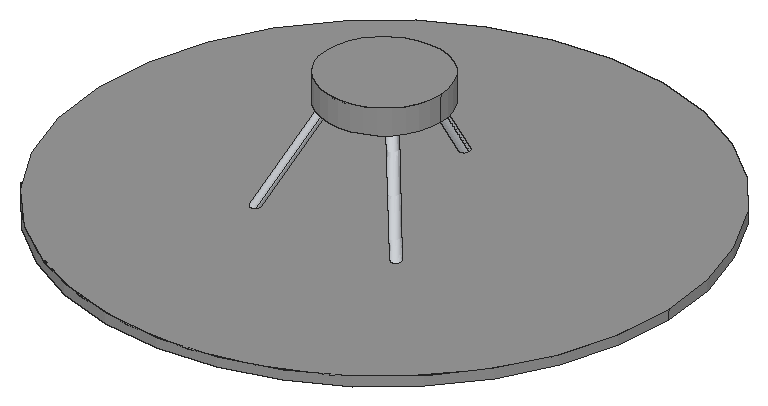
Revit family "URANUS_100W_4000K_10000LM_1200DIAM", category Lighting Fixtures, host Ceiling, Revit 2021
Family settings
  Host = Ceiling
  Round Connector Dimension = Use Diameter
  Part Type = Normal
  OmniClass Number = 23.80.70.11
  OmniClass Title = Luminaries for Internal Lighting
  Always vertical = Yes
  Cut with Voids When Loaded = No
  Light Source = Yes
  Shared = No
  Room Calculation Point = No
Parameters (values of type "Type 1")
  Wattage = 67.321 W
  built-in parameter 1150110 = 1 (stored number, unit not read)
  Type de lampe = "SMD 2835 LM-80"
  Type = "Suspension"
  built-in parameter 1114217 = 1 (stored number, unit not read)
  Tilt Angle = 90.00°
  built-in parameter 1150109 = 1 (stored number, unit not read)
  built-in parameter 1150134 = 12
  built-in parameter 1150113 = 1 (stored number, unit not read)
  Puissance nominale = "100W"
  Photometric Web File = "google_eulumdat_converter (12).ies"
  Matériau = "Aluminium"
  Lumens = 10000 lm
  built-in parameter 1150115 = 1 (stored number, unit not read)
  built-in parameter 1150105 = 795.77 (stored number, unit not read)
  Longueur filins de suspension = "1900 mm"
  built-in parameter 1150137 = (empty or 0)
  built-in parameter 1150139 = (empty or 0)
  built-in parameter 1150112 = 1 (stored number, unit not read)
  built-in parameter 1150114 = 1 (stored number, unit not read)
  built-in parameter 1150132 = 2
  built-in parameter 1150102 = (empty or 0)
  built-in parameter 1150138 = (empty or 0)
  built-in parameter 1150107 = 4000 (stored number, unit not read)
  built-in parameter 1150106 = 7.9577 (stored number, unit not read)
  IRC = ">80"
  Fintion = "Blanc texturé"
  Emit from Circle Diameter = 609.6 mm
  Emit Shape Visible in Rendering = no
  built-in parameter 1150104 = 13.8 (stored number, unit not read)
  Durée de vie = "50 000 heures"
  Driver = "Driver Lifud"
  Dimming Lamp Color Temperature Shift = <None>
  Dimensions = "ø 1200 mm; H : 20 mm"
  Default Elevation = 0 mm
  Color Filter = 16777215
  built-in parameter 1114218 = 1 (stored number, unit not read)
  built-in parameter 1150133 = 10 (stored number, unit not read)
  Angle d'éclairage = "120°"
  Alimentation luminaire = "2500mA / 27-42V"
  Alimentation Driver = "AC 200-240 V"
Reference planes
  plane 1 "Light Source Axis (F/B)": y = 0
  plane 2: z = 0
  plane 3 "Light Source Axis (L/R)": x = 0
  plane 4 "Ceiling": z = 4000
  plane 5 "Light Source Elevation": z = 3739.552
Forms (mm)
  Extrusion 1, solid, material "Aluminum, Blanc texturé"
    sketch origin (0, 0, 4000) x (0, 1, 0) y (-1, 0, 0)
      loop
        circle (0, 0) r 600
    from -257.5 to -237.5
  Extrusion 2, void
    sketch origin (0, 0, 4000) x (0, 1, 0) y (-1, 0, 0)
      loop
        circle (0, 0) r 570
    from -452.028 to -243.496
  Extrusion 3, solid, material "Glass, White, High Luminance"
    sketch origin (0, 0, 4000) x (0, 1, 0) y (-1, 0, 0)
      loop
        circle (0, 0) r 570
    from -257.5 to -254.495
  Extrusion 4, solid, material "Aluminum, Blanc texturé"
    sketch origin (0, 0, 4000) x (0, 1, 0) y (-1, 0, 0)
      loop
        circle (0, 0) r 120
    from -52.283 to 0
  Blend 5, solid
    base sketch origin (20.766, -11.354, 4000) x (-0.669131, 0.743145, 0) y (-0.743145, -0.669131, 0)
      loop
        circle (-187.094, 1.194) r 10
    top sketch origin (20.766, -11.354, 4000) x (-0.669131, 0.743145, 0) y (-0.743145, -0.669131, 0)
      loop
        circle (-69.632, 0) r 10
    from -237.5 to -52.283
  Blend 6, solid
    base sketch origin (1.636, 21.27, 4000) x (0, 1, 0) y (-1, 0, 0)
      loop
        circle (188.687, 0.818) r 10
    top sketch origin (1.636, 21.27, 4000) x (0, 1, 0) y (-1, 0, 0)
      loop
        circle (69.632, 0) r 10
    from -237.5 to -52.283
  Blend 7, solid
    base sketch origin (-20.766, -11.354, 4000) x (-0.669131, -0.743145, 0) y (0.743145, -0.669131, 0)
      loop
        circle (190.994, -2.978) r 10
    top sketch origin (-20.766, -11.354, 4000) x (-0.669131, -0.743145, 0) y (0.743145, -0.669131, 0)
      loop
        circle (69.632, 0) r 10
    from -237.5 to -52.283
Cuts and joins
  Extrusion 2 cuts Extrusion 1
Lines and regions (mm)
  reference lines
    curve 1: line (0, 0, 3750) -> (0, 0, 3762.5)
    curve 2: line (0, 0, 4000) -> (0, 0, 2100)
    curve 3: line (0, 0, 2100) -> (-60, 0, 2100)
    curve 4: line (0, 0, 4000) -> (250, 0, 4000)
    curve 5: line (250, 0, 4000) -> (250, 40, 4000)
    curve 6: line (0, 0, 4000) -> (300, 0, 4000)
    curve 7: line (300, 0, 4000) -> (300, 20, 4000)
    curve 8: line (0, 0, 3762.5) -> (0, 0, 3742.5)
    curve 9: line (0, 0, 3762.5) -> (0, 0, 3742.5)
    curve 10: line (500, 0, 4000) -> (500, 20, 4000)
    curve 11: line (0, 0, 4000) -> (600, 0, 4000)
    curve 12: line (600, 0, 4000) -> (600, 20, 4000)
Dimensions and locks
  equal spacing: host sketch curve, plane 3 "Light Source Axis (L/R)", host sketch curve
  equal spacing: host sketch curve, plane 1 "Light Source Axis (F/B)", host sketch curve
  host sketch curve to host sketch curve = 4000 mm  (x2)
  plane 4 "Ceiling" to host ceiling = 0 mm
  aligned and locked: plane 1 "Light Source Axis (F/B)" to imposter light
  aligned and locked: plane 5 "Light Source Elevation" to imposter light
